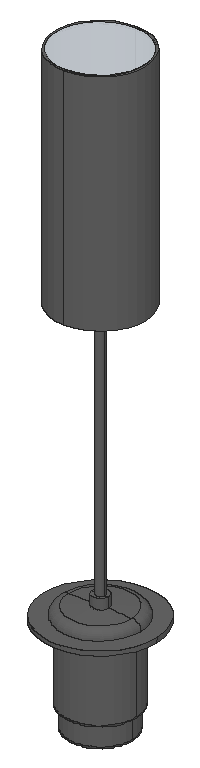
Revit family "LTC-4RDW-P", category Lighting Fixtures, host Face, Revit 2014
Parameters (values of type "LTC-4RDW-P")
  Wattage Comments = "8-52W"
  Wattage = 100 W
  Warranty = "• 5 year warranty\r\n• See HLI Standard Warranty for\r\nadditional information"  # constant formula
  built-in parameter 1150110 = 1 (stored number, unit not read)
  Voltage = 120 V
  built-in parameter 1114217 = 1 (stored number, unit not read)
  Tilt Angle = -90.00°  # constant formula
  built-in parameter 1150109 = 1 (stored number, unit not read)
  built-in parameter 1150134 = 3
  built-in parameter 1150113 = 1 (stored number, unit not read)
  Photometric Web File = "LTC-4RD-P-20L35K8MD-DM1-S-BL.ies"
  Features = "•\t4inch architectural LED round downlight and wall wash cylinder delivering 600 - 4000 lm\r\n•\t4 beam distributions from 0.4 to 1.2 Spacing Criteria\r\n•\tQuiet reflector appearance with 50º optical cutoff\r\n•\t2700K - 5000K, 80+ and 90+ CRI options\r\n•\tAvailable in Surface, Wall, Pendant, or Cord Mount configurations\r\n•\tVariety of dimming protocol options including 0-10V, DALI, DMX, Forward Phase and EcoSystem\r\n•\tNX Distributed Intelligence™ wired and wireless controls capability available\r\n•\t2 SDCM color consistency\r\n•\tLong life L90 at 55,000 hrs (TM-21)\r\n•\tFive year warranty\r\n\r\n"  # constant formula
  Cord Height = 17.500"  # constant formula
  built-in parameter 1150105 = 159.15 (stored number, unit not read)
  Lumens = 2000 lm
  built-in parameter 1150115 = 1 (stored number, unit not read)
  built-in parameter 1150137 = (empty or 0)
  built-in parameter 1150139 = (empty or 0)
  built-in parameter 1150112 = 1 (stored number, unit not read)
  built-in parameter 1150114 = 1 (stored number, unit not read)
  built-in parameter 1150132 = 2
  built-in parameter 1150102 = (empty or 0)
  built-in parameter 1150107 = 3200 (stored number, unit not read)
  built-in parameter 1150138 = (empty or 0)
  built-in parameter 1150106 = 1.5915 (stored number, unit not read)
  Emit from Circle Diameter = 5.600"  # constant formula
  Emit Shape Visible in Rendering = no
  built-in parameter 1150104 = 1.8581 (stored number, unit not read)
  Dimming Lamp Color Temperature Shift = <None>
  Copyright = "© 2019 Prescolite, a division of Hubbell Lighting, Inc"  # constant formula
  Contact us = "https://www.hubbell.com/prescolite/en/contactUs"
  Color Filter = 16777215
  Certifications = "• cCSAus certified to UL 1598\r\n• Wall Mount: Suitable for wet locations\r\n• Surface & Pendant Mount: Suitable for wet\r\nlocations under covered ceiling\r\n• Cord Mount and all Wall Wash: Suitable for\r\ndamp locations"  # constant formula
  built-in parameter 1114218 = 1 (stored number, unit not read)
  Ballast = Paint - Hubbell - Carbon Black
  URL = "http://www.prescolite.com/"
  Product Page URL = "https://www.hubbell.com/prescolite/en/Products/Lighting-Controls/Commercial-Indoor-Lighting/Cylinder/LITEISTRY-4-Round-Cylinder-DownlightWall-Wash/p/3775858"
  Product Documentation Link = "https://hubbellcdn.com/specsheet/LTC-4RDW.pdf"
  Model = "LTC-4RDW"  # constant formula
  Manufacturer = "Prescolite"  # constant formula
  Lamp = "LED Lamp"
  Reflector = Glass - Hubbell - Glass
  Description = "LITEISTRY™ 4inch Round Cylinder"  # constant formula
  Default Elevation = 48.000"
  built-in parameter 1150133 = 10 (stored number, unit not read)
  Apparent Load = 25 VA  # constant formula
Reference planes (in)
  plane 1 "Center (Front/Back)": y = 0
  plane 2: z = 0
  plane 3 "Center (Left/Right)": x = 0
  plane 4: z = 17.5
  plane 5: z = 17.25
  plane 6: x = -1
  plane 7: y = 1
  plane 8: x = 1
  plane 9: y = -1
  plane 10: z = 0.25
  plane 11: x = 3
  plane 12: x = -3
  plane 13: x = -2.75391
  plane 14: x = 2.75391
Forms (in)
  Revolve 1, solid, material "Paint - Hubbell - Carbon Black" <- "Ballast"
    sketch origin (0, 0, -5.91673) x (1, 0, 0) y (0, 0, 1)
      loop
        line (-2.43738, 5.91673) -> (0, 5.91673) -> (0, 23.41673) -> (-0.38833, 23.41673) -> (-0.38833, 23.16673) -> (-0.25, 23.16673) -> (-0.25, 7.36595) -> (-0.5, 7.36595) -> (-0.5, 6.77409)
        arc (-0.5, 6.77409) -> (-1.23654, 6.76804) -> (-1.96967, 6.69706) r 8.34337
        arc (-1.96967, 6.69706) -> (-2.42455, 6.43938) -> (-2.43738, 5.91673) r 0.53033
      axis (0, 23.41673) -> (0, 5.91673)
    angle from 0 to 360
  Extrusion 2, solid, material "Paint - Hubbell - Carbon Black" <- "Ballast"
    sketch origin (0, 0, 0) x (1, 0, 0) y (0, 1, 0)
      loop
        circle (0, 0) r 3.5
    from 0 to 0.25
  Revolve 3, solid, material "Paint - Hubbell - Carbon Black" <- "Ballast"
    sketch origin (0, 0, 0) x (1, 0, 0) y (0, 0, 1)
      loop
        line (0, -6) -> (0, 0.00055) -> (-2.5, 0.00055) -> (-2.5, -0.43712)
        arc (-2.5, -0.43712) -> (-2.48175, -0.48119) -> (-2.43767, -0.49945) r 0.06233
        line (-2.43767, -0.49945) -> (-2.30081, -0.49945)
        arc (-2.30081, -0.49945) -> (-2.26488, -0.51433) -> (-2.25, -0.55026) r 0.05081
        line (-2.25, -0.55026) -> (-2.25, -4.55877)
        arc (-2.25, -4.55877) -> (-2.2306, -4.6056) -> (-2.18377, -4.625) r 0.06623
        line (-2.18377, -4.625) -> (-2.03463, -4.625)
        arc (-2.03463, -4.625) -> (-2.01014, -4.63514) -> (-2, -4.65963) r 0.03463
        line (-2, -4.65963) -> (-2, -5.88059)
        arc (-2, -5.88059) -> (-1.96503, -5.96503) -> (-1.88059, -6) r 0.11941
        line (-1.88059, -6) -> (0, -6)
      axis (0, 0.00055) -> (0, -6)
    angle from 0 to 360
Cuts and joins
  joined: Revolve 1, Extrusion 2
Dimensions and locks (in)
  "Cord Height": plane 4 to host face
  locked: plane 4 to plane 5 at 0.25
  plane 6 to plane 3 "Center (Left/Right)" to plane 8 = 1.000" locked, 1.000" locked
  plane 7 to plane 1 "Center (Front/Back)" to plane 9 = 1.000" locked, 1.000" locked
  locked: plane 10 to level at 0.25
  host face to Revolve 3 sketch curve = 6.000"
  nested 1 to nested 1 = 5.60156"
  nested 1 to plane 4 = 14.000"
  aligned and locked: plane 2 to host face
  aligned and locked: Revolve 1 sketch curve to plane 4
  aligned and locked: Revolve 1 sketch curve to host face
  aligned and locked: plane 5 to Revolve 1 sketch curve
  aligned and locked: plane 3 "Center (Left/Right)" to nested 1
  aligned and locked: nested 1 to plane 1 "Center (Front/Back)"
  aligned and locked: Extrusion 2 to level
  aligned and locked: plane 10 to Extrusion 2
  aligned and locked: plane 3 "Center (Left/Right)" to imposter light
Automatic sketch dimensions
  host sketch curve to host sketch curve = 96.000"  (x2)
  Revolve 3 sketch curve to plane 3 "Center (Left/Right)" = 0.000"  (x2)
  plane 13 to Revolve 3 sketch curve = 0.87332"
  Revolve 3 sketch curve to Revolve 3 sketch curve = 0.11941"
  Revolve 3 sketch curve to Revolve 3 sketch curve = 0.03463"
  Revolve 3 sketch curve to Revolve 3 sketch curve = 0.14914"
  Revolve 3 sketch curve to Revolve 3 sketch curve = 0.06623"
  Revolve 3 sketch curve to Revolve 3 sketch curve = 0.05081"
  Revolve 3 sketch curve to Revolve 3 sketch curve = 0.13687"
  level to Revolve 3 sketch curve = 0.00055"
  plane 13 to Revolve 3 sketch curve = 0.25391"
  Revolve 3 sketch curve to Revolve 3 sketch curve = 1.22096"
  Revolve 3 sketch curve to level = 0.55026"
  Revolve 3 sketch curve to Revolve 3 sketch curve = 17.63999"
  plane 4 to Revolve 3 sketch curve = 31.07883"
  plane 1 "Center (Front/Back)" to Extrusion 2 sketch curve = 0.000"
  Extrusion 2 sketch curve to plane 3 "Center (Left/Right)" = 0.000"
  Revolve 1 sketch curve to plane 3 "Center (Left/Right)" = 0.000"  (x2)
  Revolve 1 sketch curve to plane 3 "Center (Left/Right)" = 0.250"
  Revolve 1 sketch curve to Revolve 1 sketch curve = 0.13833"
  Revolve 1 sketch curve to Revolve 1 sketch curve = 0.500"
  plane 6 to Revolve 1 sketch curve = 0.20012"
  Revolve 1 sketch curve to plane 6 = 0.96967"
  Revolve 1 sketch curve to level = 7.48063"
  plane 10 to Revolve 1 sketch curve = 1.19922"
  Revolve 1 sketch curve to Revolve 1 sketch curve = 0.46771"
  Revolve 1 sketch curve to Revolve 1 sketch curve = 6.27665"
  Revolve 1 sketch curve to Revolve 1 sketch curve = 7.74272"
  Revolve 1 sketch curve to plane 10 = 0.000"
  radius of Extrusion 2 sketch curve = 3.500"
Nested families (in)
  nested 1: "LTC" at (0, 0, 17.5) x (0, 1, 0) z (0, 0, 1), Ballast <- "Ballast", Reflector <- "Reflector", type "6"
    with Reflector Glass - Hubbell - Glass, Ballast Paint - Hubbell - Carbon Black
Connectors (in)
  electrical at (0, 0, 0), driven by "Description", driven by "Voltage", driven by "Apparent Load"
    settings: index 1, voltage 120 V, apparent load 25 VA, apparent load phase1 0 VA, apparent load phase2 0 VA, apparent load phase3 0 VA, power factor 1, load classification "Other", number of poles 1, system type 30, power factor state 1, is connector primary yes, connector utility no, sub classification motor no, connector description "LITEISTRY™ 4inch Round Cylinder"
Definition of nested family "LTC"
  Parameters (values of type "6")
    Width = 5.60156"
    Wattage Comments = ""
    Lamp = ""
    Ballast [instance] = Finish - Hubbell - Aluminium
    URL = ""
    Product Page URL = ""
    Product Documentation Link = ""
    Model = ""
    Manufacturer Phone = ""
    Manufacturer Fax = ""
    Manufacturer = "Prescolite"
    Reflector [instance] = Glass - Hubbell - Glass
    Description = ""
    Default Elevation = 48.000"
  Reference planes (in)
    plane 1 "Center (Front/Back)": y = 0
    plane 2: z = 0
    plane 3 "Center (Left/Right)": x = 0
    plane 4: y = 7.75
    plane 5: y = -7.75
    plane 6: x = -2.80078
    plane 7: x = 2.80078
    plane 8: z = 14
    plane 9: z = 0.125
    plane 10: x = 2.67578
    plane 11: z = 13.875
  Forms (in)
    Extrusion 1, solid
      sketch origin (0, 0, 0) x (1, 0, 0) y (0, 1, 0)
        loop
          line (-48, 48) -> (-48, -48) -> (48, -48) -> (48, 48) -> (-48, 48)
      from 0 to -6
    Extrusion 2, solid, material "Glass - Hubbell - Glass" <- "Reflector"
      sketch origin (0, 0, 30.25) x (1, 0, 0) y (0, 1, 0)
        loop
          circle (0, 0) r 2.67578
      from -16.25 to -16.375
    Revolve 3, solid, material "Finish - Hubbell - Aluminium" <- "Ballast"
      sketch origin (0, 0, -1.25) x (1, 0, 0) y (0, 0, 1)
        loop
          line (2.80078, 15.25) -> (2.67578, 15.25) -> (2.67578, 1.375) -> (0, 1.375) -> (0, 1.25) -> (2.80078, 1.25) -> (2.80078, 15.25)
        axis (0, 15.25) -> (0, 1.25)
      angle from 0 to 360
  Dimensions and locks (in)
    locked: plane 4 to plane 1 "Center (Front/Back)" at 7.75
    locked: plane 5 to plane 1 "Center (Front/Back)" at 7.75
    "Width": plane 7 to plane 6
    plane 8 to Extrusion 1 = 14.000"
    locked: plane 8 to plane 11 at 0.125
    locked: plane 7 to plane 10 at 0.125
    equal spacing: plane 7, plane 3 "Center (Left/Right)", plane 6
    locked: plane 9 to Extrusion 1 at 0.125
    aligned and locked: plane 2 to Extrusion 1
    aligned and locked: Revolve 3 sketch curve to plane 3 "Center (Left/Right)"
    aligned and locked: plane 8 to Revolve 3 sketch curve
    aligned and locked: plane 9 to Revolve 3 sketch curve
    aligned and locked: Revolve 3 to Extrusion 2
    aligned and locked: Extrusion 2 to plane 11
    aligned and locked: Extrusion 2 sketch curve to Revolve 3
    aligned and locked: Revolve 3 sketch curve to plane 10
    aligned and locked: Revolve 3 sketch curve to plane 7
  Automatic sketch dimensions
    Extrusion 1 sketch curve to Extrusion 1 sketch curve = 96.000"  (x2)
    Revolve 3 sketch curve to plane 3 "Center (Left/Right)" = 0.000"
    Revolve 3 sketch curve to level = 10.000"
    Revolve 3 sketch curve to Revolve 3 sketch curve = 8.000"
    Revolve 3 sketch curve to plane 9 = 0.125"
